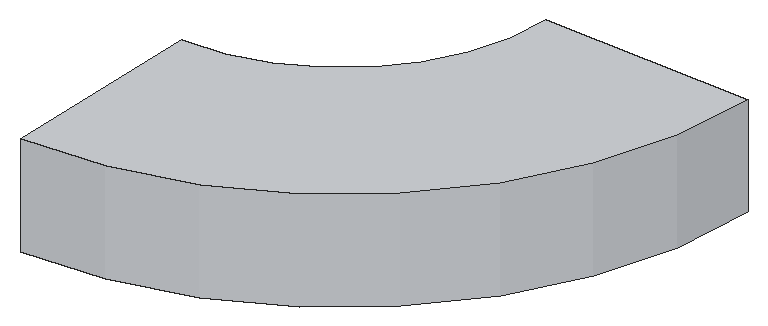
Revit family "6570f81c6cce4bc3a5b911e2e0c5e6aa", category Duct Fittings, Revit 2021
Family settings
  Round Connector Dimension = Use Diameter
  Part Type = Elbow
  OmniClass Number = 23.75.70.14
  OmniClass Title = Air Ductwork
  Seek Item ID = Rectangular Elbow Eccentric Radius - DTL-0000-USA-ENU
  Work Plane-Based = No
  Always vertical = Yes
  Cut with Voids When Loaded = No
  Shared = No
Parameters (values of type "Standard")
  Visibility 2 [instance] = if(Length 4 Vertical > Center Radius, 1 > 0, Length 3 + Straight Length In < Length 12 + 0' 0 1/32")  # no
  Visibility 1 [instance] = if(Length 4 Vertical > Center Radius, 0 > 1, or(Length 3 + Straight Length In > Length 12 + 0' 0 1/32", Length 3 + Straight Length In = Length 12 + 0' 0 1/32"))  # yes
  Top Change Visibility [instance] = not(Top Change = 0' 0")  # no
  Straight Out Visibility [instance] = not(Straight In = 0' 0")  # no
  Straight Out [instance] = 0"
  Straight In Visibility [instance] = not(Straight In = 0' 0")  # no
  Straight In [instance] = 0"
  Quarter Width Out [instance] = Width Out / 4  # 9"
  Quarter Height Out [instance] = Top Change / 2  # 0"
  Offset 2 [instance] = -1 * Half Width In  # -18"
  Length 5 Vertical [instance] = Straight Length Out * sin(Angle)  # 1"
  Length 5 Horizontal [instance] = Straight Length Out * cos(Angle)  # 0"
  Length 4 Vertical [instance] = if(Straight Out = 0' 0", Length 2 * cos(Angle) + Straight Length Out * sin(Angle), Length 2 * cos(Angle))  # 1"
  Length 4 Horizontal [instance] = if(Straight Out = 0' 0", Length 3 - Length 2 * sin(Angle) + Straight Length Out * cos(Angle), Length 3 - Length 2 * sin(Angle))  # 288"
  Length 3 [instance] = Length 12 - Center Radius * cos(Angle) / sin(Angle) + Length 2 / sin(Angle)  # 342"
  Length 2 [instance] = Radius + Width Out / 2  # 54"
  Length 12 [instance] = 24' 0"  # 288"
  Judge [instance] = if(Top Change = 0' 0", 0' 0 1/16", abs(Top Change))  # 1/16"
  Half Width Out [instance] = Width Out / 2  # 18"
  Half Width In [instance] = Width In / 2  # 18"
  Half Depth Out [instance] = Depth Out / 2  # 9"
  Width In [instance] = 36"
  Width Out [instance] = 36"
  built-in parameter 1114242 [instance] = (empty or 0)
  Top Change [instance] = 0"
  Straight Length Out [instance] = if(Straight Out = 0' 0", 0' 1", Straight Out)  # 1"
  Straight Length In [instance] = if(Straight In = 0' 0", 0' 1", Straight In)  # 1"
  Radius [instance] = 36"
  Half Duct Width [instance] = if(Width In < Width Out, Width Out / 2, Width In / 2)  # 18"
  Half Width Vertical 2 [instance] = Half Width Vertical 1 + Top Change  # 18"
  Half Width Vertical 1 [instance] = if(Width In < Width Out, Width Out / 2, Width In / 2)  # 18"
  Offset 1 [instance] = (Width In - Width Out) / 2  # 0"
  Depth Out [instance] = 18"
  Depth In [instance] = 18"
  Length 1 [instance] = Center Radius * tan(Angle / 2)  # 54"
  Default Elevation = 0' - 0"
  Center Radius [instance] = Radius + Width In / 2  # 54"
  Bottom Change [instance] = abs(Depth In - Depth Out) + Top Change  # 0"
  Angle [instance] = 90.00°
Reference planes (in)
  plane 1 "Center (Front/Back)": y = 0
  plane 2: z = 0
  plane 3 "Center (Left/Right)": x = 0
  plane 4: z = -18
  plane 5: z = 18
  plane 6: z = 0.0625
  plane 7: z = -0.0625
  plane 8: x = 288
  plane 9: y = 54
  plane 10: x = -54
  plane 11: x = -54
  plane 12: x = -53
  plane 13: x = 0
  plane 14: y = 53
  plane 15: y = 54
  plane 16: x = 0
  plane 17: y = -18
Forms (in)
  SweptBlend 1, solid, detail levels medium+fine
    path in 3D
      loop
        arc (-54, 0, 0) -> (-15.81623, 15.81623, 0) -> (0, 54, 0) r 54
    profile "Duct - Rectangular : Duct - Rectangular 1" origin (-54, 0, 0) x (0, 1, 0) y (0, 0, 1)
      loop
        line (-18, 9) -> (-18, -9) -> (18, -9) -> (18, 9) -> (-18, 9)
    end profile "Duct - Rectangular : Duct - Rectangular 2" origin (0, 54, 0) x (-1, 0, 0) y (0, 0, 1)
      loop
        line (-18, 9) -> (-18, -9) -> (18, -9) -> (18, 9) -> (-18, 9)
  Sweep 2, solid, visible <- "Straight Out Visibility", detail levels medium+fine
    path in 3D
      loop
        line (0, 53, 0) -> (0, 54, 0)
    profile "Duct - Rectangular : Duct - Rectangular 2" origin (0, 53.5, 0) x (-1, 0, 0) y (0, 0, 1)
      loop
        line (-18, 9) -> (-18, -9) -> (18, -9) -> (18, 9) -> (-18, 9)
  Sweep 3, solid, not visible
    path in 3D
      loop
        line (0, 53, 0) -> (0, 54, 0)
    profile "Duct - Rectangular : Duct - Half Rectangular 1" origin (0, 53.5, 0) x (-1, 0, 0) y (0, 0, 1)
      loop
        line (0, 0.03125) -> (0, -0.03125) -> (18, -0.03125) -> (18, 0.03125) -> (0, 0.03125)
  Sweep 4, solid, visible <- "Straight In Visibility", detail levels medium+fine
    path in 3D
      loop
        line (-53, -18, 0) -> (-54, -18, 0)
    profile "Duct - Rectangular : Duct - Rectangular 1" origin (-53.5, -18, 0) x (0, -1, 0) y (0, 0, 1)
      loop
        line (-36, 9) -> (-36, -9) -> (0, -9) -> (0, 9) -> (-36, 9)
Lines and regions (in)
  model lines, detail levels coarse
    curve 1: line (10.19141, 49.62597, 0.03125) -> (10.19141, 49.62597, -0.03125)
  reference lines
    curve 2: arc (-54, 0, 0) -> (-15.81623, 15.81623, 0) -> (0, 54, 0) r 54
    curve 11: line (-53, -18, 0) -> (-54, -18, 0)
  sketch lines
    curve 3: arc (-54, 0, 0) -> (-15.81623, 15.81623, 0) -> (0, 54, 0) r 54
    curve 5: line (0, 53, 0) -> (0, 54, 0)
    curve 9: line (0, 53, 0) -> (0, 54, 0)
    curve 12: line (-53, -18, 0) -> (-54, -18, 0)
  model lines, not visible, detail levels coarse
    curve 4: line (0, 53, 0) -> (0, 54, 0)
  model lines, visible <- "Visibility 1", detail levels coarse
    curve 6: line (-54, 0, 0) -> (0, 0, 0)
    curve 7: line (0, 0, 0) -> (0, 54, 0)
  model lines, visible <- "Visibility 2", detail levels coarse
    curve 8: line (-54, 0, 0) -> (0, 54, 0)
  model lines, visible <- "Top Change Visibility", detail levels coarse
    curve 10: line (0, 54, 0.03125) -> (0, 54, -0.03125)
Dimensions and locks (in)
  "Half Width Vertical 1": plane 4 to plane 2
  "Half Width Vertical 2": plane 2 to plane 5
  "Judge": plane 6 to plane 2
  "Judge": plane 7 to plane 2
  "Length 12": plane 3 "Center (Left/Right)" to plane 8
  "Center Radius": plane 1 "Center (Front/Back)" to plane 9
  "Length 3": plane 10 to plane 8
  "Straight In": plane 11 to plane 10
  "Straight Length In": plane 11 to plane 12
  "Length 4 Horizontal": plane 13 to plane 8
  "Length 4 Vertical": plane 9 to plane 14
  "Length 5 Horizontal": plane 13 to plane 16
  "Length 5 Vertical": plane 15 to plane 14
  "Half Width In": plane 17 to plane 1 "Center (Front/Back)"
  "Center Radius": radius of curve 2
  "Angle": angle curve 2 to curve 2
  aligned and locked: plane 10 to curve 2  (x2)
  aligned and locked: plane 9 to curve 2
  aligned and locked: plane 16 to curve 4
  aligned and locked: plane 14 to curve 4
  aligned and locked: plane 13 to curve 4
  aligned and locked: plane 1 "Center (Front/Back)" to curve 7
  aligned and locked: plane 3 "Center (Left/Right)" to curve 7
  aligned and locked: plane 15 to curve 7
  aligned and locked: plane 1 "Center (Front/Back)" to curve 8
  aligned and locked: curve 10 to Sweep 3
  aligned and locked: plane 11 to curve 11
  aligned and locked: plane 12 to curve 11
  aligned and locked: curve 11 to plane 17
Automatic sketch dimensions
  curve 1 to level = 0' - 0 1/32"
  level to curve 1 = 0' - 0 1/32"
  curve 10 to Sweep 3 = 0' - 0"  (x2)
  curve 8 to plane 11 = 0' - 0"
Connectors (in)
  hvac at (-54, 0, 0), driven by "Angle", driven by "Depth In", driven by "Width In"
    settings: on Sweep 4, index 1, duct flow 0 CFM, flow factor 0, pres drop 0.00 in-wg, loss coef 0, conn angle 90.00°, conn width 36", conn height 18", conn diameter 24", duct sys type 28, conn prof type 1, flow config 0, flow direction 0, loss method 0, conn ref index 2, conn util no, is conn primary yes, conn desc ""
  hvac at (0, 54, 0), driven by "Angle", driven by "Depth Out", driven by "Width Out"
    settings: on Sweep 2, index 2, duct flow 0 CFM, flow factor 0, pres drop 0.00 in-wg, loss coef 0, conn angle 90.00°, conn width 36", conn height 18", conn diameter 24", duct sys type 28, conn prof type 1, flow config 0, flow direction 0, loss method 0, conn ref index 1, conn util no, is conn primary no, conn desc ""
